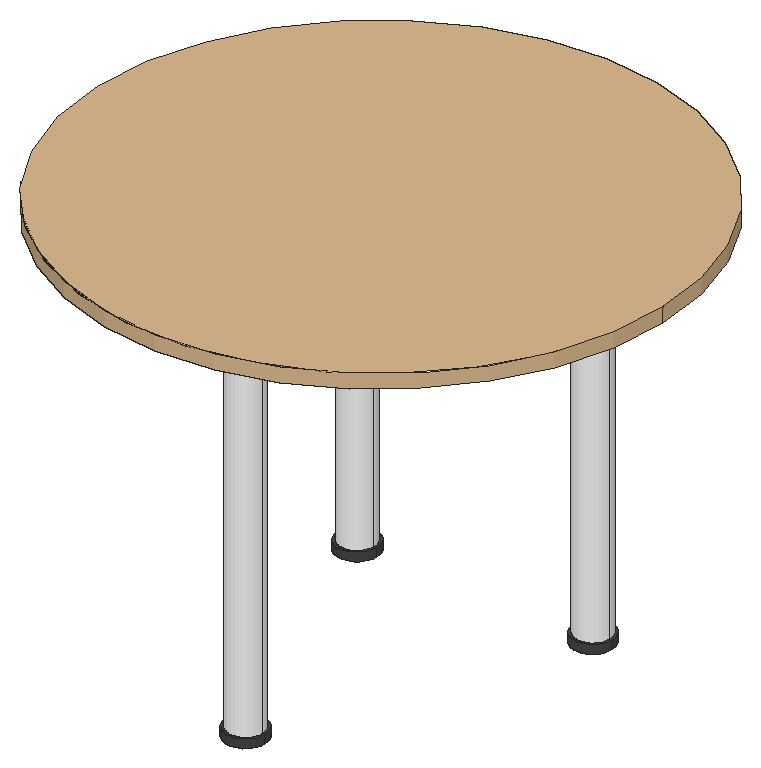
Revit family "4e7b6b4c56414304b1c07e7cac7cbabe", category Mobilier, Revit 2021
Family settings
  Basée sur le plan de construction = Non
  Toujours verticalement = Oui
  Couper avec des vides une fois chargée = Non
  Partagée = Non
  Point de calcul de pièce = Non
Parameters (values of type "1000mm")
  Matériau de table = Bois - Bouleau
  Model = ""
  Manufacturer = ""
  Default Elevation = 0 mm
  Pieds = Métal - Chrome
  Matériau de pied de base = Plastique - Noir
  Description = ""
  Assembly Code = ""
Reference planes
  plane 1: z = 0
  plane 2 "Centre (gauche/droite)": x = 0
  plane 3: y = -188.822
Forms (mm)
  Extrusion 1, solid, material "Bois - Bouleau" <- "Matériau de table"
    sketch origin (0, 0, 0) x (1, 0, 0) y (0, 1, 0)
      loop
        circle (0, -188.822) r 500
    from 700 to 725
Dimensions and locks
  aligned and locked: Extrusion 1 to nested 1
Nested families
  nested 1: "Pied" at (0, -488.822, 0), type "Hauteur 700 mm"
  nested 2: "Pied" at (208.9, 20.079, 0) x (-1, 0, 0) z (0, 0, 1), type "Hauteur 700 mm"
  nested 3: "Pied" at (-208.9, 20.079, 0), type "Hauteur 700 mm"
Definition of nested family "Pied"
  Parameters
    Model = ""
    Manufacturer = ""
    Matériau de pied = none
    Default Elevation = 0 mm
    Pieds = none
    Description = ""
    Assembly Code = "E2020200"
  Reference planes
    plane 1 "Centre (avant/arrière)": y = 0
    plane 2: z = 0
    plane 3 "Centre (gauche/droite)": x = 0
  Forms (mm)
    Revolve 1, solid, material <- "Pieds"
      sketch origin (0, 0, 0) x (1, 0, 0) y (0, 0, 1)
        loop
          line (0, 15) -> (0, 700) -> (-43, 700) -> (-33, 650) -> (-30, 650) -> (-30, 15) -> (0, 15)
        axis (0, 15) -> (0, 700)
      angle from 0 to 360
    Extrusion 2, solid, material <- "Matériau de pied"
      sketch origin (0, 0, 0) x (1, 0, 0) y (0, 1, 0)
        loop
          circle (0, 0) r 35
      from 0 to 15
  Dimensions and locks
    aligned and locked: plane 3 "Centre (gauche/droite)" to Revolve 1 sketch curve
    aligned and locked: Revolve 1 to Extrusion 2
